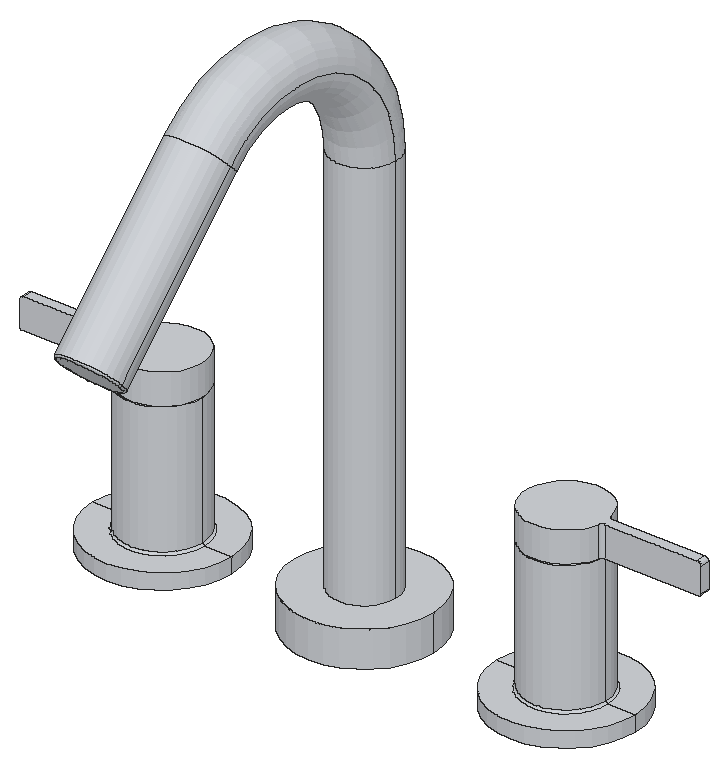
Revit family "Faucet-Deck_Mount-Bath-KOHLER-Stillness-K-954M", category Plumbing Fixtures, host Face, Revit 2017
Family settings
  Host = Face
  Round Connector Dimension = Use Diameter
  Part Type = Normal
  OmniClass Number = 23.31.11.00
  OmniClass Title = Faucets
  Cut with Voids When Loaded = No
  Shared = No
  Room Calculation Point = No
Parameters (values of type "CP- Polished Chrome")
  Width [instance] = Faucet Hole Spacing  # 8"
  WaterSense Certified = 1 = 0  # no
  Waste Water Outlet = "Waste Water Outlet"  # constant formula
  Waste Connection = 1 = 0  # no
  Vent Connection = 1 = 0  # no
  URL = "https://la.kohler.com/es?country=MX"
  Type = 1
  Spout Reach = 6 13/16"  # constant formula
  Product Page URL = ""
  Product Name = "Stillness\r\n"  # constant formula
  Product Documentation Link = ""
  Pressure = 0.00 psi
  Model = if(Type = 1, "K-954M-4-CP", "NA")  # "K-954M-4-CP"
  Material = "Metal construction"  # constant formula
  Master Format 2014 Name = "Residential Faucets, Supplies, and Trim"  # constant formula
  Master Format 2014 = "22 41 39"  # constant formula
  Manufacturer Address = "KOHLER Co.\n444 Highland Dr.\nKohler, WI 53044\r\n\r\n"  # constant formula
  Manufacturer = "KOHLER Co."  # constant formula
  Length = 6 13/16"  # constant formula
  Hot Water Inlet = "Hot Water Inlet"  # constant formula
  Height = 11 127/256"  # constant formula
  Handle Clearance = 2 193/256"  # constant formula
  HW Connection = 1 = 1  # yes
  Flow Rate = 0 GPM
  Finish = Kohler-Metal-CP-Polished_Chrome
  Faucet Hole Spacing [instance] = 8"
  Environmental Product Declaration = ""
  Drain Included = 1 = 0  # no
  Description = "DUAL HANDLE D/M BATH"  # constant formula
  Default Elevation = 36"
  Declare Label = ""
  Date Modified = "10/22/2020"  # constant formula
  Date Created = "10/22/2020"  # constant formula
  Copyright = "Copyright KOHLER Co."  # constant formula
  Contact Us = "https://la.kohler.com/es/contact-us-page"
  Cold Water Inlet = "Cold Water Inlet"  # constant formula
  CW Connection = 1 = 1  # yes
  Assembly Code = "D2010"
  ADA Compliant = 1 = 0  # no
Reference planes (in)
  plane 1 "Center (Front/Back)": y = 0
  plane 2: z = 0
  plane 3 "Center (Left/Right)": x = 0
  plane 4: x = 4
  plane 5: y = 1.37795
  plane 6: y = -1.37795
  plane 7: x = 2.62205
  plane 8: x = 5.37795
  plane 9: x = 3.21109
  plane 10: x = 4.78891
  plane 11: y = 0.78858
  plane 12: y = -0.78858
  plane 13: x = 6.75391
  plane 14: x = -4
  plane 15: x = -2.62205
  plane 16: x = -5.37795
  plane 17: x = -3.2115
  plane 18: x = -4.7885
  plane 19: y = 0.78858
  plane 20: y = -0.78858
  plane 21: x = -6.75391
  plane 22: x = 1.37795
  plane 23: x = -1.37795
  plane 24: z = 3.54331
  plane 25: z = 3.54331
  plane 26: y = -6.8125
  plane 27: z = 11.49609
  plane 28: through (0, -2.56706, 11.68639) normal (0, -0.7071, 0.7071)
  plane 29: z = 7.44094
Dimensions and locks (in)
  equal spacing: plane 9, plane 4, plane 10, locked at 0.78891 each
  equal spacing: plane 7, plane 4, plane 8, locked at 1.37795 each
  equal spacing: plane 17, plane 14, plane 18, locked at 0.7885 each
  equal spacing: plane 15, plane 14, plane 16, locked at 1.37795 each
  locked: plane 23 to plane 22 at 2.75591
  locked: plane 6 to plane 5 at 2.75591
  "Faucet Hole Spacing": plane 14 to plane 4
  equal spacing: plane 14, plane 3 "Center (Left/Right)", plane 4
  locked: plane 16 to plane 15 at 2.75591
  locked: plane 7 to plane 8 at 2.75591
  locked: plane 25 to level at 3.54331
  locked: plane 24 to level at 3.54331
  "Spout Reach": plane 1 "Center (Front/Back)" to plane 26
  "Height": level to plane 27
  locked: level to plane 29 at 7.44094
  "Handle Clearance": plane 21 to plane 14
  "Handle Clearance": plane 4 to plane 13
  locked: plane 21 to plane 17 at 3.54331
  locked: plane 13 to plane 9 at 3.54331
  locked: plane 26 to plane 28 (angle 45.00°)
  aligned and locked: plane 2 to host face
  aligned and locked: level to host face
  aligned and locked: plane 1 "Center (Front/Back)" to nested 1
  aligned and locked: plane 3 "Center (Left/Right)" to nested 1
  aligned and locked: nested 2 to plane 4
  aligned and locked: nested 2 to plane 1 "Center (Front/Back)"
  aligned and locked: plane 5 to nested 1
  aligned and locked: plane 6 to nested 1
  aligned and locked: plane 7 to nested 2
  aligned and locked: plane 8 to nested 2
  aligned and locked: plane 9 to nested 2
  aligned and locked: plane 10 to nested 2
  aligned and locked: plane 11 to nested 2
  aligned and locked: plane 12 to nested 2
  aligned and locked: plane 13 to nested 2
  aligned and locked: plane 14 to nested 3
  aligned and locked: plane 1 "Center (Front/Back)" to nested 3
  aligned and locked: nested 3 to plane 15
  aligned and locked: nested 3 to plane 16
  aligned and locked: nested 3 to plane 17
  aligned and locked: nested 3 to plane 18
  aligned and locked: nested 3 to plane 19
  aligned and locked: nested 3 to plane 20
  aligned and locked: nested 3 to plane 21
  aligned and locked: plane 22 to nested 1
  aligned and locked: plane 23 to nested 1
  aligned and locked: plane 24 to nested 3
  aligned and locked: plane 25 to nested 2
  aligned and locked: plane 26 to nested 1
  aligned and locked: plane 27 to nested 1
  aligned and locked: plane 28 to nested 1
  aligned and locked: plane 29 to nested 1
Automatic sketch dimensions
  host sketch curve to host sketch curve = 96"  (x2)
Nested families (in)
  nested 1: "K-954M_Spout" at (0, 0, 0.00003), type "K-954M_Spout"
  nested 2: "K-954M_Handle" at (4, 0, 0) x (-1, 0, 0) z (0, 0, 1), type "K-954M_Handle"
  nested 3: "K-954M_Handle" at (-4, 0, 0), type "K-954M_Handle"
Connectors (in)
  piping at (-4, 0, 0), diameter 0.5, driven by "Flow Rate", driven by "HW Connection", driven by "Hot Water Inlet"
    settings: on nested 3, index 1, connector inside diameter 24", connector length 0", flow factor 0, pipe flow 0 GPM, pressure drop 0.00 psi, fitting loss kfactor 0, connector angle 0.00°, fixture units 0, engagement length 0", angle of deflection 0.00°, flow configuration 0, flow direction 1, fitting loss method 0, system type 19, joint type 0, gender type 0, connector reference index -1, connector utility 1, adjustable connector no, is connector primary yes, connector description "Hot Water Inlet"
  piping at (4, 0, 0), diameter 0.5, driven by "Flow Rate", driven by "CW Connection", driven by "Cold Water Inlet"
    settings: on nested 2, index 2, connector inside diameter 24", connector length 0", flow factor 0, pipe flow 0 GPM, pressure drop 0.00 psi, fitting loss kfactor 0, connector angle 0.00°, fixture units 0, engagement length 0", angle of deflection 0.00°, flow configuration 0, flow direction 1, fitting loss method 0, system type 20, joint type 0, gender type 0, connector reference index -1, connector utility 1, adjustable connector no, is connector primary no, connector description "Cold Water Inlet"
Definition of nested family "K-954M_Spout"
  Parameters (values of type "K-954A_Spout")
    Material = none
  Reference planes (in)
    plane 1 "Center (Front/Back)": y = 0
    plane 2: z = 0
    plane 3 "Center (Left/Right)": x = 0
    plane 4: x = -1.37795
    plane 5: y = 1.37795
    plane 6: x = 1.37795
    plane 7: y = -1.37795
    plane 8: z = 11.49606
    plane 9: y = -6.81102
    plane 10: z = 7.44094
    plane 11: z = 10.87087
    plane 12: through (0, -6.81102, 7.44094) normal (0, 0.7071, -0.7071)
  Forms (in)
    Extrusion 1, solid, material <- "Material"
      sketch origin (0, 0, 0) x (1, 0, 0) y (0, 1, 0)
        loop
          circle (0, 0) r 1.37795
      from 0 to 0.71
    Sweep 2, solid, material <- "Material", detail levels medium+fine
      path origin (0, 0, 0) x (0, 1, 0) y (0, 0, 1)
        loop
          line (0, 0.71) -> (0, 8.48007)
          arc (0, 8.48007) -> (-1.47588, 10.68888) -> (-4.08135, 10.17062) r 2.3908
          line (-4.08135, 10.17062) -> (-6.81102, 7.44094)
      profile origin (0, 0, 4.59503) x (0, -1, 0) y (1, 0, 0)
        loop
          circle (0, 0) r 0.6252
    Sweep 3, void
      path in 3D
        loop
          arc (-0.6252, -6.81102, 7.44094) -> (0, -7.2531, 7.88303) -> (0.6252, -6.81102, 7.44094) r 0.6252
          arc (0.6252, -6.81102, 7.44094) -> (0, -6.36894, 6.99886) -> (-0.6252, -6.81102, 7.44094) r 0.6252
      profile origin (0, -6.36894, 6.99886) x (0, 0.707107, -0.707107) y (0, -0.707107, -0.707107)
        loop
          arc (-0.03937, 0) -> (-0.01153, -0.01153) -> (0, -0.03937) r 0.03937
          line (0, -0.03937) -> (0, 0) -> (-0.03937, 0)
    Sweep 4, solid, material <- "Material", detail levels coarse
      path origin (0, 0, 0) x (0, 1, 0) y (0, 0, 1)
        loop
          line (0, 0.71) -> (0, 8.47994) -> (-3.3811, 10.87087) -> (-6.81102, 7.44094)
      profile origin (0, 0, 4.59497) x (0, -1, 0) y (1, 0, 0)
        loop
          circle (0, 0) r 0.6252
  Cuts and joins
    Sweep 3 cuts Sweep 2
  Lines and regions (in)
    Masking region 1
      outline origin (0, 0, 0) x (1, 0, 0) y (0, 1, 0)
        loop
          arc (0.6252, -1.22796) -> (0, 1.37795) -> (-0.6252, -1.22796) r 1.37795
          line (-0.6252, -1.22796) -> (-0.6252, -6.81102)
          spline (-0.6252, -6.81102) -> (-0.60389, -6.92129) -> (-0.54144, -7.02404) -> (-0.44208, -7.11227) -> (-0.3126, -7.17998) -> (-0.16181, -7.22254) -> (0, -7.23706) -> (0.16181, -7.22254) -> (0.3126, -7.17998) -> (0.44208, -7.11227) -> (0.54144, -7.02404) -> (0.60389, -6.92129) -> (0.6252, -6.81102)
          line (0.6252, -6.81102) -> (0.6252, -1.22796)
    Masking region 2
      outline origin (0, 0, 0) x (1, 0, 0) y (0, 0, 1)
        loop
          line (-1.37795, 0) -> (1.37795, 0) -> (1.37795, 0.71) -> (0.6252, 0.71) -> (0.6252, 10.87087)
          arc (0.6252, 10.87087) -> (0.44208, 11.31295) -> (0, 11.49606) r 0.6252
          arc (0, 11.49606) -> (-0.44208, 11.31295) -> (-0.6252, 10.87087) r 0.6252
          line (-0.6252, 10.87087) -> (-0.6252, 0.71) -> (-1.37795, 0.71) -> (-1.37795, 0)
    Masking region 3
      outline origin (0, 0, 0) x (0, 1, 0) y (0, 0, 1)
        loop
          line (-1.37795, 0) -> (1.37795, 0) -> (1.37795, 0.71) -> (0.6252, 0.71) -> (0.6252, 8.48067)
          arc (0.6252, 8.48067) -> (-1.23647, 11.26686) -> (-4.52301, 10.61312) r 3.01575
          line (-4.52301, 10.61312) -> (-7.22527, 7.91086)
          arc (-7.22527, 7.91086) -> (-7.2368, 7.88303) -> (-7.22527, 7.85519) r 0.03937
          line (-7.22527, 7.85519) -> (-6.81102, 7.44094) -> (-6.39678, 7.0267)
          arc (-6.39678, 7.0267) -> (-6.36894, 7.01517) -> (-6.3411, 7.0267) r 0.03937
          line (-6.3411, 7.0267) -> (-3.63936, 9.72844)
          arc (-3.63936, 9.72844) -> (-1.71517, 10.11119) -> (-0.6252, 8.47994) r 1.76566
          line (-0.6252, 8.47994) -> (-0.6252, 0.71) -> (-1.37795, 0.71) -> (-1.37795, 0)
    sketch lines
      curve 1: arc (0.6252, -6.81102, 7.44094) -> (0, -6.36894, 6.99886) -> (-0.6252, -6.81102, 7.44094) r 0.6252
      curve 2: arc (-0.6252, -6.81102, 7.44094) -> (0, -7.2531, 7.88303) -> (0.6252, -6.81102, 7.44094) r 0.6252
    symbolic lines, detail levels medium+fine
      curve 3: arc (0.6252, 0, 0) -> (0, 0.6252, 0) -> (-0.6252, 0, 0) r 0.6252
      curve 4: line (-0.6252, -1.22796, 0) -> (-0.6252, 0, 0)
      curve 5: line (0.6252, -1.22796, 0) -> (0.6252, 0, 0)
      curve 6: spline (-0.6252, -6.61417, 0) -> (-0.60389, -6.71607, 0) -> (-0.54144, -6.81102, 0) -> (-0.44208, -6.89256, 0) -> (-0.3126, -6.95513, 0) -> (-0.16181, -6.99446, 0) -> (0, -7.00787, 0) -> (0.16181, -6.99446, 0) -> (0.3126, -6.95513, 0) -> (0.44208, -6.89256, 0) -> (0.54144, -6.81102, 0) -> (0.60389, -6.71607, 0) -> (0.6252, -6.61417, 0)
      curve 7: spline (-0.6252, -3.14961, 0) -> (-0.60389, -3.2515, 0) -> (-0.54144, -3.34646, 0) -> (-0.44208, -3.42799, 0) -> (-0.3126, -3.49056, 0) -> (-0.16181, -3.52989, 0) -> (0, -3.54331, 0) -> (0.16181, -3.52989, 0) -> (0.3126, -3.49056, 0) -> (0.44208, -3.42799, 0) -> (0.54144, -3.34646, 0) -> (0.60389, -3.2515, 0) -> (0.6252, -3.14961, 0)
      curve 8: line (-0.6252, 0, 0.71) -> (0.6252, 0, 0.71)
      curve 9: spline (0.6252, 0, 7.44094) -> (0.60389, 0, 7.33905) -> (0.54144, 0, 7.24409) -> (0.44208, 0, 7.16256) -> (0.3126, 0, 7.09999) -> (0.16181, 0, 7.06066) -> (0, 0, 7.04724) -> (-0.16181, 0, 7.06066) -> (-0.3126, 0, 7.09999) -> (-0.44208, 0, 7.16256) -> (-0.54144, 0, 7.24409) -> (-0.60389, 0, 7.33905) -> (-0.6252, 0, 7.44094) -> (-0.60389, 0, 7.54284) -> (-0.54144, 0, 7.6378) -> (-0.44208, 0, 7.71933) -> (-0.3126, 0, 7.7819) -> (-0.16181, 0, 7.82123) -> (0, 0, 7.83465) -> (0.16181, 0, 7.82123) -> (0.3126, 0, 7.7819) -> (0.44208, 0, 7.71933) -> (0.54144, 0, 7.6378) -> (0.60389, 0, 7.54284) -> (0.6252, 0, 7.44094)
      curve 10: spline (-0.53215, 0, 7.44094) -> (-0.51402, 0, 7.52559) -> (-0.46085, 0, 7.60446) -> (-0.37629, 0, 7.6722) -> (-0.26607, 0, 7.72417) -> (-0.13773, 0, 7.75684) -> (0, 0, 7.76798) -> (0.13773, 0, 7.75684) -> (0.26607, 0, 7.72417) -> (0.37629, 0, 7.6722) -> (0.46085, 0, 7.60446) -> (0.51402, 0, 7.52559) -> (0.53215, 0, 7.44094) -> (0.51402, 0, 7.3563) -> (0.46085, 0, 7.27743) -> (0.37629, 0, 7.20969) -> (0.26607, 0, 7.15772) -> (0.13773, 0, 7.12505) -> (0, 0, 7.11391) -> (-0.13773, 0, 7.12505) -> (-0.26607, 0, 7.15772) -> (-0.37629, 0, 7.20969) -> (-0.46085, 0, 7.27743) -> (-0.51402, 0, 7.3563) -> (-0.53215, 0, 7.44094)
      curve 11: spline (-0.50608, 0, 7.54013) -> (-0.48883, 0, 7.47621) -> (-0.43828, 0, 7.41664) -> (-0.35785, 0, 7.3655) -> (-0.25304, 0, 7.32625) -> (-0.13098, 0, 7.30157) -> (0, 0, 7.29316) -> (0.13098, 0, 7.30157) -> (0.25304, 0, 7.32625) -> (0.35785, 0, 7.3655) -> (0.43828, 0, 7.41664) -> (0.48883, 0, 7.47621) -> (0.50608, 0, 7.54013)
      curve 12: spline (-0.6252, 0, 7.93606) -> (-0.60389, 0, 8.03796) -> (-0.54144, 0, 8.13291) -> (-0.44208, 0, 8.21445) -> (-0.3126, 0, 8.27701) -> (-0.16181, 0, 8.31634) -> (0, 0, 8.32976) -> (0.16181, 0, 8.31634) -> (0.3126, 0, 8.27701) -> (0.44208, 0, 8.21445) -> (0.54144, 0, 8.13291) -> (0.60389, 0, 8.03796) -> (0.6252, 0, 7.93606)
      curve 13: spline (-0.6252, 0, 10.47717) -> (-0.60389, 0, 10.57906) -> (-0.54144, 0, 10.67402) -> (-0.44208, 0, 10.75555) -> (-0.3126, 0, 10.81812) -> (-0.16181, 0, 10.85745) -> (0, 0, 10.87087) -> (0.16181, 0, 10.85745) -> (0.3126, 0, 10.81812) -> (0.44208, 0, 10.75555) -> (0.54144, 0, 10.67402) -> (0.60389, 0, 10.57906) -> (0.6252, 0, 10.47717)
      curve 14: line (0, -0.6252, 0.71) -> (0, 0.6252, 0.71)
      curve 15: line (0, -0.6252, 8.47994) -> (0, 0.6252, 8.47994)
      curve 16: line (0, -3.63936, 9.72844) -> (0, -4.52352, 10.61261)
      curve 17: line (0, -5.92686, 7.44094) -> (0, -6.81102, 8.32511)
  Dimensions and locks (in)
    plane 8 to level = 11.49606"
    plane 10 to level = 7.44094"
    plane 9 to plane 1 "Center (Front/Back)" = 6.81102"
    angle plane 9 to plane 12 = 45.00°
    aligned and locked: plane 2 to level
Definition of nested family "K-954M_Handle"
  Parameters (values of type "K-954A_Handle")
    Material = none
  Reference planes (in)
    plane 1 "Center (Front/Back)": y = 0
    plane 2: z = 0
    plane 3 "Center (Left/Right)": x = 0
    plane 4: x = -1.37795
    plane 5: y = 1.37795
    plane 6: y = -1.37795
    plane 7: x = 1.37795
    plane 8: z = 3.54331
    plane 9: x = -2.75481
    plane 10: x = 0.7885
    plane 11: x = -0.7885
    plane 12: y = 0.78858
    plane 13: y = -0.78858
  Forms (in)
    Revolve 1, solid, material <- "Material", detail levels medium+fine
      sketch origin (0, 0, 0) x (1, 0, 0) y (0, 0, 1)
        loop
          line (1.37795, 0) -> (1.37795, 0.31) -> (0.82787, 0.31)
          arc (0.82787, 0.31) -> (0.80003, 0.32153) -> (0.7885, 0.34937) r 0.03937
          line (0.7885, 0.34937) -> (0.7885, 2.92) -> (0.71857, 2.92)
          arc (0.71857, 2.92) -> (0.72871, 2.93423) -> (0.74532, 2.93969) r 0.02801
          line (0.74532, 2.93969) -> (0, 2.93969) -> (0, 0) -> (1.37795, 0)
        axis (0, 2.93969) -> (0, 0)
      angle from 0 to 360
    Extrusion 2, solid, material <- "Material", detail levels medium+fine
      sketch origin (0, 0, 0) x (1, 0, 0) y (0, 1, 0)
        loop
          arc (-0.77325, -0.15433) -> (0.7885, 0) -> (-0.77325, 0.15433) r 0.7885
          arc (-0.77325, 0.15433) -> (-0.80053, 0.10886) -> (-0.85047, 0.091) r 0.07874
          line (-0.85047, 0.091) -> (-2.59733, 0.091) -> (-2.59733, -0.091) -> (-0.85047, -0.091)
          arc (-0.85047, -0.091) -> (-0.80053, -0.10886) -> (-0.77325, -0.15433) r 0.07874
      from 2.93969 to 3.54331
    Extrusion 3, solid, material <- "Material", detail levels medium+fine
      sketch origin (0, 0, 0) x (1, 0, 0) y (0, 0, 1)
        loop
          line (-2.75481, 3.46438) -> (-2.75481, 2.97906)
          arc (-2.75481, 2.97906) -> (-2.74328, 2.95122) -> (-2.71544, 2.93969) r 0.03937
          line (-2.71544, 2.93969) -> (-2.59733, 2.93969) -> (-2.59733, 3.54331) -> (-2.67588, 3.54331)
          arc (-2.67588, 3.54331) -> (-2.73169, 3.52019) -> (-2.75481, 3.46438) r 0.07893
      from -0.091 to 0.091
    Revolve 4, solid, material <- "Material", detail levels coarse
      sketch origin (0, 0, 0) x (0, 1, 0) y (0, 0, 1)
        loop
          line (0.7885, 3.54331) -> (0, 3.54331) -> (0, 0) -> (1.37795, 0) -> (1.37795, 0.31) -> (0.7885, 0.31) -> (0.7885, 3.54331)
        axis (0, 3.54331) -> (0, 0)
      angle from 0 to 360
    Extrusion 5, solid, material <- "Material", detail levels coarse
      sketch origin (0, 0, 0) x (1, 0, 0) y (0, 0, 1)
        loop
          line (-2.75481, 3.54331) -> (-2.75481, 2.93969) -> (0, 2.93969) -> (0, 3.54331) -> (-2.75481, 3.54331)
      from -0.091 to 0.091
    Extrusion 6, solid, material <- "Material", detail levels medium+fine
      sketch origin (0, 0, 0) x (1, 0, 0) y (0, 1, 0)
        loop
          circle (0, 0) r 0.15748
      from 0 to 0.19685
  Cuts and joins
    joined: Revolve 1, Extrusion 2, Extrusion 3
    joined: Revolve 4, Extrusion 5
  Lines and regions (in)
    Masking region 1
      outline origin (0, 0, 0) x (1, 0, 0) y (0, 1, 0)
        loop
          arc (-1.37494, -0.091) -> (1.37795, 0) -> (-1.37494, 0.091) r 1.37795
          line (-1.37494, 0.091) -> (-2.72331, 0.091)
          arc (-2.72331, 0.091) -> (-2.74558, 0.08178) -> (-2.75481, 0.0595) r 0.0315
          line (-2.75481, 0.0595) -> (-2.75481, -0.0595)
          arc (-2.75481, -0.0595) -> (-2.74558, -0.08178) -> (-2.72331, -0.091) r 0.0315
          line (-2.72331, -0.091) -> (-1.37494, -0.091)
    Masking region 2
      outline origin (0, 0, 0) x (1, 0, 0) y (0, 0, 1)
        loop
          line (1.37795, 0) -> (1.37795, 0.31) -> (0.82787, 0.31)
          arc (0.82787, 0.31) -> (0.80003, 0.32153) -> (0.7885, 0.34937) r 0.03937
          line (0.7885, 0.34937) -> (0.7885, 2.92) -> (0.7283, 2.92)
          arc (0.7283, 2.92) -> (0.73813, 2.934) -> (0.75426, 2.93967) r 0.02801
          arc (0.75426, 2.93967) -> (0.77828, 2.94783) -> (0.7885, 2.97106) r 0.0315
          line (0.7885, 2.97106) -> (0.7885, 3.51181)
          arc (0.7885, 3.51181) -> (0.77927, 3.53408) -> (0.757, 3.54331) r 0.0315
          line (0.757, 3.54331) -> (-2.67588, 3.54331)
          arc (-2.67588, 3.54331) -> (-2.73169, 3.52019) -> (-2.75481, 3.46438) r 0.07893
          line (-2.75481, 3.46438) -> (-2.75481, 2.97906)
          arc (-2.75481, 2.97906) -> (-2.74328, 2.95122) -> (-2.71544, 2.93969) r 0.03937
          line (-2.71544, 2.93969) -> (-0.75505, 2.93969)
          arc (-0.75505, 2.93969) -> (-0.73844, 2.93423) -> (-0.7283, 2.92) r 0.02801
          line (-0.7283, 2.92) -> (-0.7885, 2.92) -> (-0.7885, 0.34937)
          arc (-0.7885, 0.34937) -> (-0.80003, 0.32153) -> (-0.82787, 0.31) r 0.03937
          line (-0.82787, 0.31) -> (-1.37795, 0.31) -> (-1.37795, 0) -> (1.37795, 0)
    Masking region 3
      outline origin (0, 0, 0) x (0, 1, 0) y (0, 0, 1)
        loop
          line (0.7885, 2.92) -> (0.72606, 2.92)
          arc (0.72606, 2.92) -> (0.73678, 2.93487) -> (0.75449, 2.93978) r 0.02742
          arc (0.75449, 2.93978) -> (0.77837, 2.9481) -> (0.7885, 2.97128) r 0.0316
          line (0.7885, 2.97128) -> (0.7885, 3.51181)
          arc (0.7885, 3.51181) -> (0.77927, 3.53408) -> (0.757, 3.54331) r 0.0315
          line (0.757, 3.54331) -> (0, 3.54331) -> (-0.757, 3.54331)
          arc (-0.757, 3.54331) -> (-0.77927, 3.53408) -> (-0.7885, 3.51181) r 0.0315
          line (-0.7885, 3.51181) -> (-0.7885, 2.97128)
          arc (-0.7885, 2.97128) -> (-0.77837, 2.9481) -> (-0.75448, 2.93966) r 0.0316
          arc (-0.75448, 2.93966) -> (-0.73678, 2.93487) -> (-0.72606, 2.92) r 0.02742
          line (-0.72606, 2.92) -> (-0.7885, 2.92) -> (-0.7885, 0.34937)
          arc (-0.7885, 0.34937) -> (-0.80003, 0.32153) -> (-0.82787, 0.31) r 0.03937
          line (-0.82787, 0.31) -> (-1.37795, 0.31) -> (-1.37795, 0) -> (0, 0) -> (1.37795, 0) -> (1.37795, 0.31) -> (0.82787, 0.31)
          arc (0.82787, 0.31) -> (0.80003, 0.32153) -> (0.7885, 0.34937) r 0.03937
          line (0.7885, 0.34937) -> (0.7885, 2.92)
    symbolic lines, detail levels medium+fine
      curve 1: arc (-0.77325, -0.15433, 0) -> (0.7885, 0, 0) -> (-0.77325, 0.15433, 0) r 0.7885
      curve 2: arc (-0.77325, 0.15433, 0) -> (-0.80053, 0.10886, 0) -> (-0.85047, 0.091, 0) r 0.07874
      curve 3: line (-0.85047, 0.091, 0) -> (-1.44102, 0.091, 0)
      curve 4: arc (-0.85047, -0.091, 0) -> (-0.80053, -0.10886, 0) -> (-0.77325, -0.15433, 0) r 0.07874
      curve 5: line (-1.55663, -0.091, 0) -> (-0.85047, -0.091, 0)
      curve 6: arc (-0.74236, -0.14816, 0) -> (0.757, 0, 0) -> (-0.74236, 0.14816, 0) r 0.757
      curve 7: arc (-0.85047, -0.0595, 0) -> (-0.78056, -0.0845, 0) -> (-0.74236, -0.14816, 0) r 0.11024
      curve 8: line (-2.75481, -0.0595, 0) -> (-0.85047, -0.0595, 0)
      curve 9: arc (-0.74236, 0.14816, 0) -> (-0.78056, 0.0845, 0) -> (-0.85047, 0.0595, 0) r 0.11024
      curve 10: line (-0.85047, 0.0595, 0) -> (-2.75481, 0.0595, 0)
      curve 11: line (-2.67588, 0.091, 0) -> (-2.67588, -0.091, 0)
      curve 12: line (-0.85047, -0.0595, 0) -> (-0.85047, -0.091, 0)
      curve 13: line (-0.74236, -0.14816, 0) -> (-0.77325, -0.15433, 0)
      curve 14: line (-0.85047, 0.0595, 0) -> (-0.85047, 0.091, 0)
      curve 15: line (-0.74236, 0.14816, 0) -> (-0.77325, 0.15433, 0)
      curve 16: line (-0.82787, 0, 0.31) -> (0.82787, 0, 0.31)
      curve 17: line (-0.7885, 0, 0.34937) -> (0.7885, 0, 0.34937)
      curve 18: line (-0.7283, 0, 2.92) -> (0.7283, 0, 2.92)
      curve 19: line (0.75426, 0, 2.93967) -> (-0.82055, 0, 2.93967)
      curve 20: line (0.7885, 0, 3.51181) -> (-2.67588, 0, 3.51181)
      curve 21: arc (-2.67588, 0, 3.51181) -> (-2.70942, 0, 3.49792) -> (-2.72331, 0, 3.46438) r 0.04743
      curve 22: line (-2.72331, 0, 3.46438) -> (-2.72331, 0, 2.93969)
      curve 23: line (-2.75481, 0, 2.97118) -> (0.7885, 0, 2.97118)
      curve 24: line (-0.77325, 0, 3.54331) -> (-0.77325, 0, 2.93967)
      curve 25: line (-0.82055, 0, 2.93967) -> (-0.82055, 0, 3.54331)
      curve 26: line (-2.72331, 0, 3.46438) -> (-2.75481, 0, 3.46438)
      curve 27: line (-2.67588, 0, 3.51181) -> (-2.67588, 0, 3.54331)
      curve 28: line (0, 0.82787, 0.31) -> (0, -0.84461, 0.31)
      curve 29: line (0, 0.0595, 3.54331) -> (0, -0.0595, 3.54331)
      curve 30: line (0, 0.091, 2.97118) -> (0, 0.091, 3.51181)
      curve 31: line (0, -0.0595, 2.93969) -> (0, 0.0595, 2.93969)
      curve 32: line (0, -0.091, 3.51181) -> (0, -0.091, 2.97118)
      curve 33: line (0, 0.7885, 0.34937) -> (0, -0.7885, 0.34937)
      curve 34: line (0, 0.72606, 2.92) -> (0, -0.72606, 2.92)
      curve 35: arc (0, 0.0595, 2.93969) -> (0, 0.08178, 2.94891) -> (0, 0.091, 2.97118) r 0.0315
      curve 36: arc (0, -0.091, 2.97118) -> (0, -0.08178, 2.94891) -> (0, -0.0595, 2.93969) r 0.0315
      curve 37: arc (0, 0.091, 3.51181) -> (0, 0.08178, 3.53408) -> (0, 0.0595, 3.54331) r 0.0315
      curve 38: arc (0, -0.0595, 3.54331) -> (0, -0.08178, 3.53408) -> (0, -0.091, 3.51181) r 0.0315
      curve 39: line (0, 0.75448, 2.93966) -> (0, -0.7503, 2.93966)
      curve 40: line (0, 0.7885, 3.51181) -> (0, 0.00623, 3.51181)
      curve 41: line (0, 0.7885, 2.97128) -> (0, 0.00458, 2.97128)
      curve 42: line (0, 0.00458, 2.97118) -> (0, -0.7885, 2.97118)
      curve 43: line (0, -0.7885, 3.51181) -> (0, 0.00623, 3.51181)
      curve 44: line (0, 0.0595, 2.93969) -> (0, 0.0595, 3.54331)
      curve 45: line (0, -0.0595, 3.54331) -> (0, -0.0595, 2.93969)
  Dimensions and locks (in)
    level to plane 8 = 3.54331"
    plane 9 to plane 10 = 3.54331"
    aligned and locked: plane 2 to level
  Automatic sketch dimensions
    Revolve 1 sketch curve to plane 3 "Center (Left/Right)" = 0"  (x2)
    plane 10 to Revolve 1 sketch curve = 0"
    Revolve 1 sketch curve to level = 0"
    plane 7 to Revolve 1 sketch curve = 0"
    plane 10 to Revolve 1 sketch curve = 0.06993"
    Revolve 1 sketch curve to Revolve 1 sketch curve = 0.02675"
    Revolve 1 sketch curve to Revolve 1 sketch curve = 0.03937"
    Revolve 1 sketch curve to Revolve 1 sketch curve = 0.31"
    Revolve 1 sketch curve to plane 8 = 0.63164"
    Revolve 1 sketch curve to Revolve 1 sketch curve = 0.00833"
    Revolve 1 sketch curve to plane 8 = 0.60362"
    Revolve 1 sketch curve to Revolve 1 sketch curve = 0"
    Revolve 1 sketch curve to plane 8 = 0.19685"
    plane 8 to Revolve 1 sketch curve = 1.77165"
    plane 1 "Center (Front/Back)" to Extrusion 2 sketch curve = 0"
    Extrusion 2 sketch curve to plane 3 "Center (Left/Right)" = 0"
    Extrusion 2 sketch curve to plane 11 = 0.06197"  (x2)
    plane 1 "Center (Front/Back)" to Extrusion 2 sketch curve = 0.091"
    Extrusion 2 sketch curve to plane 9 = 0.15748"
    Extrusion 2 sketch curve to Extrusion 2 sketch curve = 0.07874"  (x2)
    Extrusion 2 sketch curve to plane 1 "Center (Front/Back)" = 0.091"
    Extrusion 2 sketch curve to Extrusion 2 sketch curve = 0"
    plane 9 to Extrusion 3 sketch curve = 0"
    Extrusion 3 sketch curve to plane 8 = 0"
    Extrusion 3 sketch curve to plane 9 = 0.03937"
    Extrusion 3 sketch curve to plane 8 = 0.07893"
    Extrusion 3 sketch curve to Extrusion 3 sketch curve = 0.11811"
    Extrusion 3 sketch curve to Extrusion 3 sketch curve = 0.48533"
    Masking region 1 sketch curve to plane 9 = 0"
    plane 1 "Center (Front/Back)" to Masking region 1 sketch curve = 0"
    Masking region 1 sketch curve to plane 3 "Center (Left/Right)" = 0"
    Masking region 1 sketch curve to plane 9 = 0.0315"  (x2)
    plane 4 to Masking region 1 sketch curve = 0.00301"  (x2)
    plane 1 "Center (Front/Back)" to Masking region 1 sketch curve = 0.0595"
    curve 1 to curve 6 = 0"  (x2)
    curve 2 to curve 9 = 0"
    curve 4 to curve 7 = 0"
    curve 10 to plane 9 = 0"
    curve 8 to plane 9 = 0"
    plane 1 "Center (Front/Back)" to curve 1 = 0"
    curve 1 to plane 3 "Center (Left/Right)" = 0"
    curve 3 to plane 11 = 0.06197"
    plane 11 to curve 13 = 0.01525"
    curve 13 to curve 13 = 0.03089"
    plane 1 "Center (Front/Back)" to curve 12 = 0.0595"
    curve 14 to plane 1 "Center (Front/Back)" = 0.0595"
    curve 10 to curve 14 = 0.0315"
    curve 11 to plane 9 = 0.07893"
    curve 5 to plane 4 = 0.17868"
    curve 3 to plane 4 = 0.06307"
    curve 11 to curve 8 = 0.0315"
    curve 10 to curve 11 = 0.0315"
    plane 9 to Masking region 2 sketch curve = 0"
    Masking region 2 sketch curve to plane 8 = 0"
    Masking region 2 sketch curve to plane 4 = 0"
    Masking region 2 sketch curve to plane 11 = 0"
    Masking region 2 sketch curve to level = 0"
    plane 10 to Masking region 2 sketch curve = 0"  (x2)
    plane 7 to Masking region 2 sketch curve = 0"
    Masking region 2 sketch curve to plane 9 = 0.03937"
    Masking region 2 sketch curve to plane 8 = 0.07893"
    Masking region 2 sketch curve to Masking region 2 sketch curve = 0.03937"
    plane 11 to Masking region 2 sketch curve = 0.03345"
    Masking region 2 sketch curve to Masking region 2 sketch curve = 0.02675"  (x2)
    plane 10 to Masking region 2 sketch curve = 0.0602"
    Masking region 2 sketch curve to Masking region 2 sketch curve = 0.0315"
    Masking region 2 sketch curve to plane 8 = 0.0315"
    Masking region 2 sketch curve to plane 10 = 0.03937"
    Masking region 2 sketch curve to Masking region 2 sketch curve = 0.31"
    level to Masking region 2 sketch curve = 0.31"
    Masking region 2 sketch curve to Masking region 2 sketch curve = 0.60014"
    Masking region 2 sketch curve to Masking region 2 sketch curve = 0.00833"  (x2)
    Masking region 2 sketch curve to Masking region 2 sketch curve = 0.05106"
    Masking region 2 sketch curve to Masking region 2 sketch curve = 0.48533"
    plane 9 to curve 26 = 0"
    curve 27 to plane 8 = 0"
    curve 25 to plane 8 = 0"
    curve 17 to plane 11 = 0"
    curve 24 to plane 8 = 0"
    plane 10 to curve 17 = 0"
    plane 10 to curve 20 = 0"
    plane 10 to curve 23 = 0"
    curve 22 to plane 9 = 0.0315"
    curve 20 to plane 8 = 0.0315"
    curve 21 to curve 20 = 0.04743"
    curve 25 to plane 11 = 0.03205"
    curve 22 to curve 22 = 0.5247"
    curve 25 to plane 8 = 0.60363"
    curve 16 to plane 11 = 0.03937"
    plane 11 to curve 24 = 0.01525"
    curve 24 to curve 18 = 0.04495"
    plane 10 to curve 18 = 0.0602"
    curve 18 to curve 19 = 0.02595"
    curve 16 to plane 10 = 0.03937"
    curve 18 to curve 24 = 0.01967"
    level to curve 17 = 0.34937"
    curve 16 to curve 17 = 0.03937"
    plane 9 to curve 23 = 0"
    curve 22 to curve 23 = 0.0315"
    Masking region 3 sketch curve to plane 6 = 0"
    Masking region 3 sketch curve to plane 8 = 0"
    Masking region 3 sketch curve to plane 1 "Center (Front/Back)" = 0"  (x2)
    Masking region 3 sketch curve to level = 0"
    Masking region 3 sketch curve to plane 5 = 0"
    Masking region 3 sketch curve to plane 6 = 0.55008"
    Masking region 3 sketch curve to plane 8 = 0.0315"  (x2)
    Masking region 3 sketch curve to plane 6 = 0.58945"
    Masking region 3 sketch curve to Masking region 3 sketch curve = 0"  (x3)
    Masking region 3 sketch curve to Masking region 3 sketch curve = 0.0316"
    Masking region 3 sketch curve to Masking region 3 sketch curve = 0.03612"  (x2)
    Masking region 3 sketch curve to Masking region 3 sketch curve = 0.02632"  (x2)
    Masking region 3 sketch curve to plane 5 = 0.65189"
    Masking region 3 sketch curve to Masking region 3 sketch curve = 0.00452"
    Masking region 3 sketch curve to Masking region 3 sketch curve = 0.0001"
    Masking region 3 sketch curve to Masking region 3 sketch curve = 0.03937"
    Masking region 3 sketch curve to Masking region 3 sketch curve = 0.31"  (x2)
    Masking region 3 sketch curve to Masking region 3 sketch curve = 0.59948"  (x2)
    Masking region 3 sketch curve to Masking region 3 sketch curve = 0.00767"  (x2)
    Masking region 3 sketch curve to Masking region 3 sketch curve = 0.05895"
    Masking region 3 sketch curve to Masking region 3 sketch curve = 0.05128"
    Masking region 3 sketch curve to Masking region 3 sketch curve = 0.00211"
    Masking region 3 sketch curve to Masking region 3 sketch curve = 0.0021"
    curve 29 to plane 8 = 0"
    plane 1 "Center (Front/Back)" to curve 32 = 0.091"
    curve 32 to curve 29 = 0.0315"
    curve 43 to plane 1 "Center (Front/Back)" = 0.00623"
    curve 40 to curve 37 = 0.05327"
    curve 30 to plane 8 = 0.0315"
    curve 30 to curve 37 = 0.54063"
    curve 40 to plane 8 = 0.0315"
    curve 34 to curve 36 = 0.63506"
    curve 39 to curve 34 = 0.02424"
    curve 42 to curve 39 = 0.0382"
    curve 33 to plane 6 = 0.58945"
    curve 43 to curve 42 = 0"
    curve 28 to curve 33 = 0.05611"
    curve 42 to plane 1 "Center (Front/Back)" = 0.00458"
    curve 41 to curve 42 = 0"
    curve 35 to curve 34 = 0.63506"
    curve 34 to curve 39 = 0.02842"
    curve 39 to curve 40 = 0.03402"
    curve 33 to plane 5 = 0.58945"
    curve 39 to curve 41 = 0.03402"
    curve 33 to curve 28 = 0.03937"
    curve 41 to curve 40 = 0.54053"
    curve 42 to curve 43 = 0.54063"
    curve 39 to curve 42 = 0.03152"
    curve 34 to curve 39 = 0.01966"
    level to curve 33 = 0.34937"
    curve 28 to curve 33 = 0.03937"
    Revolve 4 sketch curve to plane 1 "Center (Front/Back)" = 0"  (x2)
    Revolve 4 sketch curve to plane 8 = 0"
    Revolve 4 sketch curve to level = 0"
    Revolve 4 sketch curve to plane 5 = 0"
    Revolve 4 sketch curve to plane 5 = 0.58945"
    Revolve 4 sketch curve to Revolve 4 sketch curve = 0.31"
    Revolve 4 sketch curve to Revolve 4 sketch curve = 0.62331"
    plane 8 to Revolve 4 sketch curve = 0.7874"
    Extrusion 5 sketch curve to plane 8 = 0"
    Extrusion 5 sketch curve to plane 3 "Center (Left/Right)" = 0"
    Extrusion 5 sketch curve to plane 8 = 0.60362"
    Extrusion 5 sketch curve to plane 9 = 0"
    plane 1 "Center (Front/Back)" to Extrusion 6 sketch curve = 0"
    Extrusion 6 sketch curve to plane 3 "Center (Left/Right)" = 0"
    radius of Extrusion 6 sketch curve = 0.15748"
